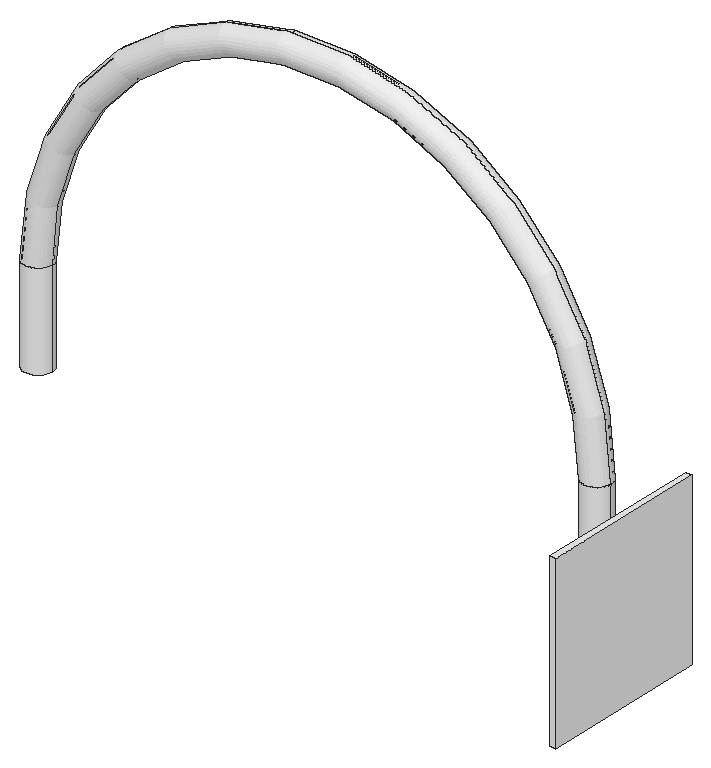
Revit family "WM55", category Generic Models, Revit 2017
Family settings
  Can host rebar = No
  Round Connector Dimension = Use Diameter
  Part Type = Normal
  Work Plane-Based = No
  Always vertical = Yes
  Cut with Voids When Loaded = No
  Shared = No
  Room Calculation Point = No
Parameters
  WM55 = Aluminum
Reference planes (in)
  plane 1 "Center (Front/Back)": y = 0
  plane 2: z = 0
  plane 3 "Center (Left/Right)": x = 0
Forms (in)
  Extrusion 1, solid, material "Aluminum" <- "WM55"
    sketch origin (-15.06634, 0, 0) x (1, 0, 0) y (0, 0, 1)
      loop
        line (25.44759, 13.83674) -> (25.44759, 7.83674) -> (25.63509, 7.83674) -> (25.63509, 13.83674) -> (25.44759, 13.83674)
    from -3 to 3
  Sweep 2, solid, material "Aluminum" <- "WM55"
    path origin (-15.06634, 0, 0) x (1, 0, 0) y (0, 0, 1)
      loop
        line (4.99759, 11.33674) -> (4.99759, 14.71174)
        arc (4.99759, 14.71174) -> (14.84759, 24.56174) -> (24.69759, 14.71174) r 9.85
        line (24.69759, 14.71174) -> (24.69759, 10.83674)
    profile origin (9.63125, 0, 12.77424) x (0, -1, 0) y (1, 0, 0)
      loop
        circle (0, 0) r 0.5
      loop
        circle (0, 0) r 0.4375
  Extrusion 3, solid, material "Aluminum" <- "WM55"
    sketch origin (-15.06634, -11.33674, 10.83674) x (1, 0, 0) y (0, 1, 0)
      loop
        arc (24.72884, 12.05549) -> (24.01009, 11.33674) -> (24.72884, 10.61799) r 0.71875
        line (24.72884, 10.61799) -> (25.44759, 10.61799) -> (25.44759, 12.05549) -> (24.72884, 12.05549)
    from -0.75 to 0.5
  Extrusion 4, solid, material "Aluminum" <- "WM55"
    sketch origin (-15.06634, 0, 0) x (1, 0, 0) y (0, 1, 0)
      loop
        line (25.44759, 0.78125) -> (24.72884, 0.78125)
        arc (24.72884, 0.78125) -> (23.94759, 0) -> (24.72884, -0.78125) r 0.78125
        line (24.72884, -0.78125) -> (25.44759, -0.78125) -> (25.44759, 0.78125)
    from 9.83674 to 10.08674
Dimensions and locks (in)
  aligned and locked: plane 2 to level
